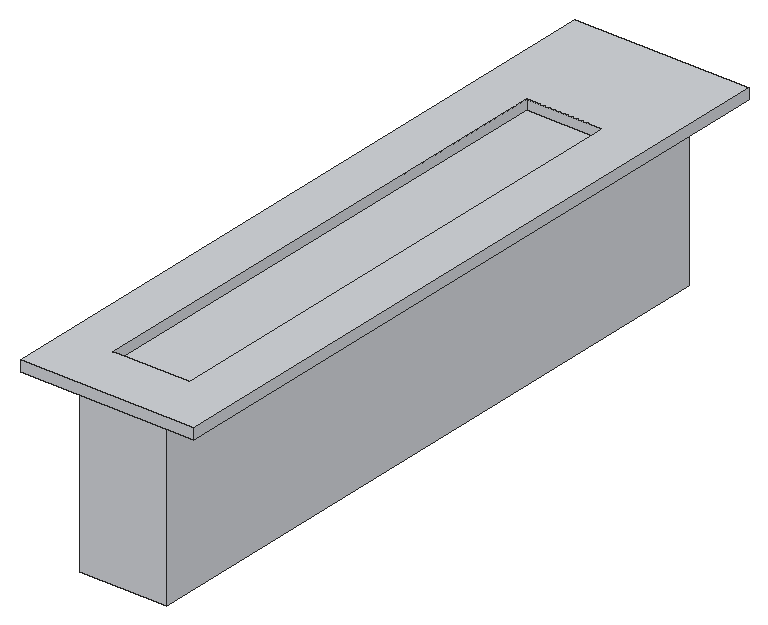
Revit family "Manhattan", category Lighting Fixtures, host Face, Revit 2015
Parameters (values of type "Manhattan/1W/350mA/927/Primed")
  Weight = 120  # constant formula
  built-in parameter 1150103 = 1 W
  Wattage = 1 W  # constant formula
  WarrantyStartDate [instance] = "www.johncullenlighting.co.uk/terms_and_conditions/"  # constant formula
  WarrantyGuarantorParts = "www.johncullenlighting.co.uk/terms_and_conditions/"  # constant formula
  WarrantyGuarantorLabor = "www.johncullenlighting.co.uk/terms_and_conditions/"  # constant formula
  WarrantyDurationUnit = "www.johncullenlighting.co.uk/terms_and_conditions/"  # constant formula
  WarrantyDurationParts = "www.johncullenlighting.co.uk/terms_and_conditions/"  # constant formula
  WarrantyDurationLabor = "www.johncullenlighting.co.uk/terms_and_conditions/"  # constant formula
  WarrantyDescription = "Refer to John Cullen Lighting Ltd - Terms and Conditions document"  # constant formula
  built-in parameter 1150110 = 1 (stored number, unit not read)
  Version = "1"
  Uniclass2 = "Pr_70_70_48_71 Recessed luminaires"  # constant formula
  URL = "http://www.johncullenlighting.co.uk/products/interior-lighting/manhattan/?product_search=manhattan"
  Type Comments = "Copyright © John Cullen 2017. John Cullen reserve the right to change the design and specification of our product range without prior notice. E&OE"  # constant formula
  built-in parameter 1114217 = 1 (stored number, unit not read)
  Tilt Angle = 0.00°
  built-in parameter 1150109 = 1 (stored number, unit not read)
  built-in parameter 1150134 = (empty or 0)
  TagNumber [instance] = "n/a"
  SustainabilityPerformance = "n/a"
  built-in parameter 1150113 = 1 (stored number, unit not read)
  SupplyCircuitConductorConnections = "n/a"
  Size = "200x42.6"  # constant formula
  Shape = "Rectangle"
  SerialNumber [instance] = "n/a"
  Revision = "n/a"
  ReplacementCost = "n/a"
  ProductInformation = "http://www.johncullenlighting.co.uk/products/interior-lighting/manhattan/?product_search=manhattan"
  PhotometricPerformance = "n/a"
  Photometric Web File = "Manhattan-350.IES"
  NominalWidth = 42.6 mm  # constant formula
  NominalLength = 200 mm  # constant formula
  NominalHeight = 50 mm  # constant formula
  Name = "Manhattan"  # constant formula
  NBSTypeID = "n/a"
  NBSReference = "n/a"
  NBSOfficeMasterTag = "n/a"
  NBSNote = "n/a"
  NBSDescription = "General purpose luminaires are described by characteristics such as standards, photometric performance and supply circuit conductor connections.\r\nAn example use may be within a hard wired general lighting system."  # constant formula
  NBSCertification = "n/a"
  ModelReference = "n/a"
  ModelNumber = "LOMH27281"
  Model = "Mnhattan"  # constant formula
  MaxAmbientTemperature = 50.00°  # constant formula
  Material = "Aluminium"
  ManufacturerURL = "www.johncullenlighting.co.uk"
  ManufacturerName = "John Cullen Lighting Ltd"  # constant formula
  Manufacturer = "John Cullen Lighting Ltd"  # constant formula
  built-in parameter 1150105 = 1.9894 (stored number, unit not read)
  Lumens = 25 lm
  LuminaireType = "n/a"
  LuminairePowerFactor = "n/a"
  LuminaireLumens = "25 lm"  # constant formula
  built-in parameter 1150115 = 1 (stored number, unit not read)
  built-in parameter 1150137 = (empty or 0)
  built-in parameter 1150139 = (empty or 0)
  LampType = "LED"  # constant formula
  LampRating = "n/a"
  LampLumens = "92 lm"  # constant formula
  LampColourTemperature = "2700K"  # constant formula
  LampColourRendering = "≥90 Ra"  # constant formula
  built-in parameter 1150112 = 1 (stored number, unit not read)
  built-in parameter 1150114 = 1 (stored number, unit not read)
  Keynote = "Technical data figures are for guidance only and are subject to ±5% tolerance"  # constant formula
  InternalFuse = "n/a"
  InsulationStandardClass = "Class III"  # constant formula
  InstallationDate [instance] = "Confirm via installer"  # constant formula
  built-in parameter 1150132 = (empty or 0)
  built-in parameter 1150102 = (empty or 0)
  built-in parameter 1150107 = 2700 (stored number, unit not read)
  built-in parameter 1150138 = (empty or 0)
  IngressProtection = "IP10"  # constant formula
  built-in parameter 1150106 = 0.019894 (stored number, unit not read)
  IfcExportType = ""
  IfcExportAs = ""
  Grade = "n/a"
  ForwardVoltage = "2.8V DC"  # constant formula
  Finish = "Primed"
  Features = "n/a"
  ExpectedLife = "Lifetime L70/B10 >50,000 hrs"  # constant formula
  built-in parameter 1150104 = 2.3226 (stored number, unit not read)
  Efficacy = "25 lm/W"  # constant formula
  DurationUnit = "year"
  Dimming Lamp Color Temperature Shift = <None>
  Description = "Architectural floor and step light with an angled light"  # constant formula
  Default Elevation = 200 mm
  CurrentRating = "350mA"  # constant formula
  ControlGearPosition = "n/a"
  Constituents = "n/a"
  Color Filter = 16777215
  Color = "Primed"
  CodePerformance = "LOMH27281"
  Category = "n/a"
  CableType = "2 Core PVC"  # constant formula
  CableSize = "2 off 7/0.2 Tinned Copper Strands"  # constant formula
  CableLength = 200 mm  # constant formula
  Beam Width = "Wide"  # constant formula
  BarCode [instance] = "n/a"
  BallastCELMAEnergyEfficiencyIndex = "See driver specification"  # constant formula
  built-in parameter 1114218 = 1 (stored number, unit not read)
  BIMObjectName = "Manhattan"  # constant formula
  Author = "John Cullen Lighting Ltd"  # constant formula
  built-in parameter 1150133 = 10 (stored number, unit not read)
  AssetType = "n/a"
  AssetIdentifier [instance] = "n/a"
  Assembly Code = "n/a"
  AccessibilityPerformance = "n/a"
Types (4, lengths in mm): name | ModelNumber | Finish | Color | CodePerformance
  Manhattan/1W/350mA/927/Bronze | "LOMH27061" | "Bronze" | "Bronze" | "LOMH27061"
  Manhattan/1W/350mA/927/Polished Stainless Steel | "LOMH27071" | "Polished Stainless Steel" | "Polished Stainless Steel" | "LOMH27071"
  Manhattan/1W/350mA/927/Brushed Stainless Steel | "LOMH27171" | "Brushed Stainless Steel" | "Brushed Stainless Steel" | "LOMH27171"
  Manhattan/1W/350mA/927/Primed | "LOMH27281" | "Primed" | "Primed" | "LOMH27281"
Reference planes
  plane 1 "Center (Front/Back)": y = 0
  plane 2: z = 0
  plane 3 "Center (Left/Right)": x = 0
Forms (mm)
  Extrusion 1, void
    sketch origin (0.124, 0.205, 0) x (1, 0, 0) y (0, 1, 0)
      loop
        line (-13.624, 94.795) -> (-13.624, -95.205) -> (13.376, -95.205) -> (13.376, 94.795) -> (-13.624, 94.795)
    from 0 to -50
  Extrusion 2, solid
    sketch origin (25, -50, 0) x (1, 0, 0) y (0, 1, 0)
      loop
        line (-50, 150) -> (-50, -50) -> (0, -50) -> (0, 150) -> (-50, 150)
    from 0 to 3
  Extrusion 3, solid
    sketch origin (0, 0, 0) x (1, 0, 0) y (0, 1, 0)
      loop
        line (-12.5, 94) -> (-12.5, -94) -> (12.5, -94) -> (12.5, 94) -> (-12.5, 94)
    from 0 to -50
  Extrusion 4, void
    sketch origin (0, 0, 0) x (1, 0, 0) y (0, 1, 0)
      loop
        line (-11, 65) -> (-11, -84) -> (11, -84) -> (11, 65) -> (-11, 65)
    from 0 to 3
Cuts and joins
  Extrusion 4 cuts Extrusion 2
  Extrusion 4 cuts Extrusion 3
Dimensions and locks
  aligned and locked: plane 2 to host face
  aligned and locked: level to host face
